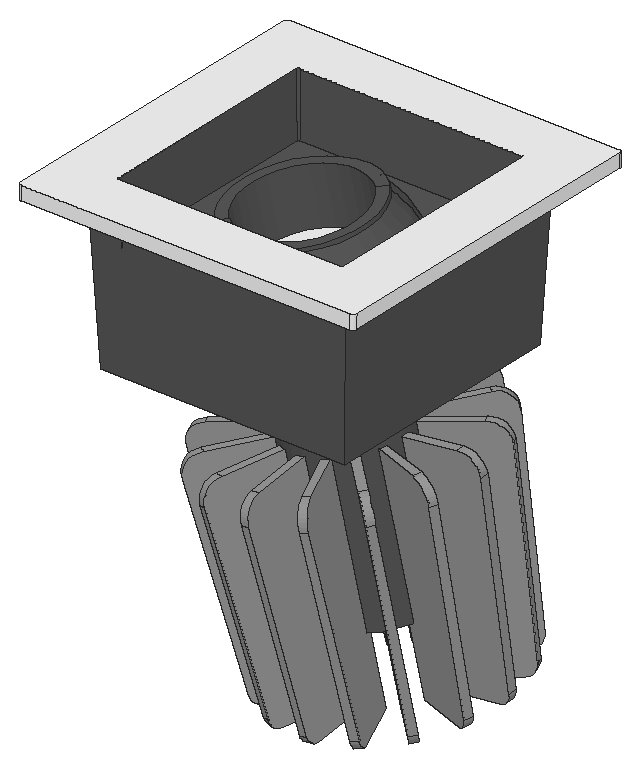
Revit family "2056234 Sylvania Lighting Fixture MYD ADJ SQ BLK 3K PHDIM SILBEZ", category Lighting Fixtures, host Face, Revit 2016
Family settings
  Host = Face
  Part Type = Normal
  Round Connector Dimension = Use Diameter
  OmniClass Number = 23.80.70.00
  OmniClass Title = Lighting
  Cut with Voids When Loaded = Yes
  Light Source = No
  Shared = No
  Room Calculation Point = No
Parameters (values of type "2056234 MYD ADJ SQ BLK 3K PHDIM SILBEZ")
  WidthCutOut_SYL = 72 mm
  Width_SYL = 86 mm
  WidthBezel_SYL = 7 mm
  Weight = "0.38 kg"
  Wattage Comments = "n/a"
  WarrantyStartDate [instance] = "n/a"
  WarrantyGuarantorParts = "n/a"
  WarrantyDurationUnit = "n/a"
  WarrantyDurationParts = "n/a"
  WarrantyDescription = "n/a"
  Voltage = 0 V
  VerticalTiltStart_FEILO [instance] = VerticalTilt_FEILO + 90.00°  # 135.00°
  VerticalTilt_FEILO [instance] = 45.00°
  URL = "http://www.sylvania-lighting.com"
  TypeName = "MYD ADJ SQ BLK 3K PHDIM SILBEZ"
  TypeLamp_SYL = Myriad Adjustable Square Lamp : 2056234 MYD ADJ SQ BLK 3K PHDIM SILBEZ
  Type Image = <None>
  Type Comments = "n/a"
  SphereRadius_FEILO = 31 mm
  SerialNumber [instance] = "n/a"
  Material_3_SYL = none
  PowerFactor = 0
  PowerConsumption = "10 W"
  NominalLength = 0 mm
  NominalHeight = 115 mm
  NominalDepth = 76 mm
  Name = "MYD ADJ SQ BLK 3K PHDIM SILBEZ"
  ModelReference = Name  # "MYD ADJ SQ BLK 3K PHDIM SILBEZ"
  ModelNumber = "2056234"
  Model = Name  # "MYD ADJ SQ BLK 3K PHDIM SILBEZ"
  Material = "polycarbonate housing"
  ManufacturerName = "Feilo Sylvania"
  Manufacturer = "Feilo Sylvania"
  LuminousEfficacy = "70 lm/W"
  LuminaireType = ""
  LightOutputRatio = "100"
  LampsType = Lamp  # "LED"
  LampNominalLuminous = "702 lm"
  LampMacAdamStep = "n/a"
  LampColourTemperature = "3000 K"
  LampColourRenderingIndex = "85"
  Lamp = "LED"
  Keynote = "16500"
  InstallationDate [instance] = "n/a"
  InputVoltage = "n/a"
  InputNominalFrequency = "n/a"
  IngressProtection = "IP20"
  ImpactProtectionIndex = "IK02"
  IfcExportType = "IfcLightFixtureType"
  IfcExportAs = "IfcLightFixtureType"
  HorizontalTilt_FEILO [instance] = 10.00°
  HeightVoid_SYL = 16 mm
  HeightTop_SYL = 40 mm
  HeightBezel_SYL = 3.5 mm
  ExpectedLife = 50000
  ElectricShockClassification = "Class II"
  DurationUnit = "hours"
  DraftIn_SYL = tan(DraftAngle_SYL) * HeightVoid_SYL  # 0.699 mm
  DraftOut_SYL = tan(DraftAngle_SYL) * HeightTop_SYL  # 1.746 mm
  DraftAngle_SYL = 2.50°
  DocumentationLiterature = "http://www.sylvania-lighting.com/product/en-int/products/2056234"
  DimmingControlOptions = "n/a"
  Material_2_SYL = none
  Description = "MYD ADJ SQ BLK 3K PHDIM SILBEZ"
  Default Elevation = 1219.2 mm
  CreatedOn = "9/11/2018"
  CreatedBy = "@sylvania-lighting.com"
  Cost = 0
  built-in parameter 1114216 [instance] = (empty or 0)
  ClassificationValue = "EF_70_80"
  ClassificationName = "Uniclass2015"
  Material_1_SYL = Body-Sylvania-MyriadAdjustableRound-Black
  BarCode [instance] = "n/a"
  AssetType = "Fixed"
  AssetIdentifier [instance] = "n/a"
  Assembly Code = "D5020200"
  Apparent Load = 10 VA
  Material_4_SYL = Body-Sylvania-MyriadAdjustableRound-Silver
Reference planes
  plane 1 "Center (Front/Back)": y = 0
  plane 2: z = 0
  plane 3 "Center (Left/Right)": x = 0
  plane 4: z = 3.5
  plane 5: z = -12.5
  plane 6: z = -24.5
  plane 7: x = -36
  plane 8: x = 36
  plane 9: x = -43
  plane 10: x = 43
  plane 11: x = -33
  plane 12: x = -31.254
  plane 13: x = 33
  plane 14: x = 31.254
  plane 15: y = 43
  plane 16: y = -43
  plane 17: y = 36
  plane 18: y = -36
  plane 19: y = -33
  plane 20: y = 33
  plane 21: y = 31.254
  plane 22: y = -31.254
  plane 23: z = -40
  plane 24: z = -130
  plane 25: y = 29
  plane 26: x = -29
  plane 27: x = 29
  plane 28: y = -29
  plane 29: x = -28.301
  plane 30: y = 28.301
  plane 31: x = 28.301
  plane 32: y = -28.301
  plane 33: x = -42.5
  plane 34: z = 3
Forms (mm)
  Revolve 1, solid, not visible
    sketch origin (0, 0, 0) x (1, 0, 0) y (0, 0, 1)
      loop
        line (0, -24.5) -> (2.4, -24.5) -> (2.4, -12.5) -> (0, -12.5) -> (0, -24.5)
      axis (0, -12.5) -> (0, -24.5)
    angle from 135 <- "VerticalTiltStart_FEILO" to 45 <- "VerticalTilt_FEILO"
  Extrusion 2, void
    sketch origin (0, 0, 0) x (1, 0, 0) y (0, 1, 0)
      loop
        line (-36, 36) -> (-36, -36) -> (36, -36) -> (36, 36) -> (-36, 36)
    from 0 to -130
  Extrusion 3, solid, material "Body-Sylvania-MyriadAdjustableRound-Black" <- "Material_1_SYL"
    sketch origin (0, 0, 0) x (1, 0, 0) y (0, 1, 0)
      loop
        arc (-42, 43) -> (-42.707, 42.707) -> (-43, 42) r 1
        line (-43, 42) -> (-43, -42)
        arc (-43, -42) -> (-42.707, -42.707) -> (-42, -43) r 1
        line (-42, -43) -> (42, -43)
        arc (42, -43) -> (42.707, -42.707) -> (43, -42) r 1
        line (43, -42) -> (43, 42)
        arc (43, 42) -> (42.707, 42.707) -> (42, 43) r 1
        line (42, 43) -> (-42, 43)
    from 0 to 3.5
  Blend 4, solid, material "Body-Sylvania-MyriadAdjustableRound-Black" <- "Material_1_SYL"
    base sketch origin (0, 0, 0) x (1, 0, 0) y (0, 1, 0)
      loop
        line (-33, 33) -> (-33, -33) -> (33, -33) -> (33, 33) -> (-33, 33)
    top sketch origin (0, 0, 0) x (1, 0, 0) y (0, 1, 0)
      loop
        line (-31.254, 31.254) -> (-31.254, -31.254) -> (31.254, -31.254) -> (31.254, 31.254) -> (-31.254, 31.254)
    from 0 to -40
  Blend 5, void
    base sketch origin (1223.4, -4572, 3.5) x (-1, 0, 0) y (0, -1, 0)
      loop
        arc (1251.727, -4601) -> (1252.203, -4600.803) -> (1252.4, -4600.327) r 0.673
        line (1252.4, -4600.327) -> (1252.4, -4543.673)
        arc (1252.4, -4543.673) -> (1252.203, -4543.197) -> (1251.727, -4543) r 0.673
        line (1251.727, -4543) -> (1195.073, -4543)
        arc (1195.073, -4543) -> (1194.597, -4543.197) -> (1194.4, -4543.673) r 0.673
        line (1194.4, -4543.673) -> (1194.4, -4600.327)
        arc (1194.4, -4600.327) -> (1194.597, -4600.803) -> (1195.073, -4601) r 0.673
        line (1195.073, -4601) -> (1251.727, -4601)
    top sketch origin (1223.4, -4572, 3.5) x (-1, 0, 0) y (0, -1, 0)
      loop
        arc (1251.201, -4600.301) -> (1251.555, -4600.155) -> (1251.701, -4599.801) r 0.5
        line (1251.701, -4599.801) -> (1251.701, -4544.199)
        arc (1251.701, -4544.199) -> (1251.555, -4543.845) -> (1251.201, -4543.699) r 0.5
        line (1251.201, -4543.699) -> (1195.638, -4543.699)
        arc (1195.638, -4543.699) -> (1195.257, -4543.857) -> (1195.099, -4544.238) r 0.539
        line (1195.099, -4544.238) -> (1195.099, -4599.801)
        arc (1195.099, -4599.801) -> (1195.245, -4600.155) -> (1195.599, -4600.301) r 0.5
        line (1195.599, -4600.301) -> (1251.201, -4600.301)
    from 0 to -16
  Revolve 6, void
    sketch origin (0, 0, 0) x (1, 0, 0) y (0, 0, 1)
      loop
        arc (0, 5.853) -> (-24.7, -24.5) -> (0, -54.853) r 31
        line (0, -54.853) -> (0, 5.853)
      axis (0, 5.853) -> (0, -54.853)
    angle from 360 to 0
Cuts and joins
  Blend 5 cuts Extrusion 3
  Blend 5, Revolve 6 cuts Blend 4
  joined: Extrusion 3, Blend 4
Lines and regions (mm)
  reference lines
    curve 1: circle (6.3, 0, -24.5) r 31 normal (0, -1, 0)
Dimensions and locks
  "HeightBezel_SYL": plane 4 to plane 2
  locked: plane 5 to plane 6 at 12
  equal spacing: plane 9, plane 3 "Center (Left/Right)", plane 10
  equal spacing: plane 16, plane 1 "Center (Front/Back)", plane 15
  "Width_SYL": plane 16 to plane 15
  "Width_SYL": plane 9 to plane 10
  equal spacing: plane 7, plane 3 "Center (Left/Right)", plane 8
  "WidthCutOut_SYL": plane 7 to plane 8
  equal spacing: plane 18, plane 1 "Center (Front/Back)", plane 17
  "WidthCutOut_SYL": plane 18 to plane 17
  equal spacing: plane 11, plane 3 "Center (Left/Right)", plane 13
  equal spacing: plane 19, plane 1 "Center (Front/Back)", plane 20
  locked: plane 18 to plane 19 at 3
  locked: plane 7 to plane 11 at 3
  equal spacing: plane 12, plane 3 "Center (Left/Right)", plane 14
  "DraftOut_SYL": plane 11 to plane 12
  equal spacing: plane 22, plane 1 "Center (Front/Back)", plane 21
  "DraftOut_SYL": plane 19 to plane 22
  "HeightTop_SYL": plane 2 to plane 23
  locked: plane 2 to plane 24 at 130
  equal spacing: plane 26, plane 3 "Center (Left/Right)", plane 27
  equal spacing: plane 28, plane 1 "Center (Front/Back)", plane 25
  "WidthBezel_SYL": plane 25 to plane 17
  "WidthBezel_SYL": plane 7 to plane 26
  equal spacing: plane 29, plane 3 "Center (Left/Right)", plane 31
  "DraftIn_SYL": plane 26 to plane 29
  equal spacing: plane 32, plane 1 "Center (Front/Back)", plane 30
  "DraftIn_SYL": plane 28 to plane 32
  "HeightVoid_SYL": plane 4 to plane 5
  locked: plane 33 to plane 9 at 0.5
  locked: plane 4 to plane 34 at 0.5
  curve 1 to plane 3 "Center (Left/Right)" = 6.3 mm
  "SphereRadius_FEILO": radius of curve 1
  aligned and locked: plane 2 to host face
  aligned and locked: level to host face
  aligned and locked: plane 6 to Revolve 1 sketch curve
  aligned and locked: Revolve 1 sketch curve to plane 3 "Center (Left/Right)"  (x2)
  aligned and locked: Revolve 1 sketch curve to plane 5
  aligned and locked: plane 17 to Extrusion 2 sketch curve
  aligned and locked: Extrusion 2 sketch curve to plane 18
  aligned and locked: Extrusion 2 sketch curve to plane 8
  aligned and locked: plane 7 to Extrusion 2 sketch curve
  aligned and locked: plane 24 to Extrusion 2
  aligned and locked: level to Extrusion 2
  aligned and locked: plane 15 to Extrusion 3 sketch curve
  aligned and locked: plane 9 to Extrusion 3 sketch curve
  aligned and locked: Extrusion 3 sketch curve to plane 16
  aligned and locked: Extrusion 3 sketch curve to plane 10
  aligned and locked: Extrusion 3 to plane 4
  aligned and locked: Extrusion 3 to level
  aligned and locked: plane 20 to Blend 4 sketch curve
  aligned and locked: Blend 4 sketch curve to plane 19
  aligned and locked: Blend 4 sketch curve to plane 13
  aligned and locked: plane 11 to Blend 4 sketch curve
  aligned and locked: plane 21 to Blend 4 sketch curve
  aligned and locked: plane 12 to Blend 4 sketch curve
  aligned and locked: Blend 4 sketch curve to plane 22
  aligned and locked: Blend 4 sketch curve to plane 14
  aligned and locked: plane 23 to Blend 4
  aligned and locked: level to Blend 4
  aligned and locked: nested 1 to plane 6
  aligned and locked: plane 25 to Blend 5 sketch curve
  aligned and locked: plane 26 to Blend 5 sketch curve
  aligned and locked: Blend 5 sketch curve to plane 28
  aligned and locked: Blend 5 sketch curve to plane 27
  aligned and locked: plane 30 to Blend 5 sketch curve
  aligned and locked: plane 29 to Blend 5 sketch curve
  aligned and locked: Blend 5 sketch curve to plane 32
  aligned and locked: Blend 5 sketch curve to plane 31
  aligned and locked: plane 5 to Blend 5
  aligned and locked: Blend 5 to plane 4
  aligned and locked: plane 6 to curve 1
  aligned and locked: Revolve 6 sketch curve to plane 3 "Center (Left/Right)"
Automatic sketch dimensions
  host sketch curve to host sketch curve = 2438.4 mm  (x2)
  Revolve 1 sketch curve to plane 4 = 2605.558 mm
  plane 3 "Center (Left/Right)" to Revolve 1 sketch curve = 2.4 mm
  plane 6 to Revolve 1 sketch curve = 577.6 mm
  plane 9 to Extrusion 3 sketch curve = 1 mm
  Extrusion 3 sketch curve to Extrusion 3 sketch curve = 1 mm
  Extrusion 3 sketch curve to plane 10 = 1 mm  (x2)
  plane 31 to Blend 5 sketch curve = 0.026 mm  (x2)
  Blend 5 sketch curve to plane 29 = 0.026 mm  (x2)
  Blend 5 sketch curve to Blend 5 sketch curve = 0.5 mm
  Blend 5 sketch curve to Blend 5 sketch curve = 0.539 mm
  plane 29 to Blend 5 sketch curve = 0.5 mm  (x2)
  plane 24 to Revolve 6 sketch curve = 479.6 mm
  Revolve 6 sketch curve to plane 4 = 2605.558 mm
  Revolve 6 sketch curve to plane 3 "Center (Left/Right)" = 0 mm
  Revolve 6 sketch curve to plane 6 = 0 mm
  plane 3 "Center (Left/Right)" to Revolve 6 sketch curve = 6.3 mm
  Revolve 6 sketch curve to plane 4 = 2.353 mm
Nested families
  nested 1: "Myriad Adjustable Square Rotation Feature" at (-0.473, 0.473, -24.5) x (-0.7071, 0.7071, 0) z (-0.7071, -0.7071, 0), HorizontalAxis <- "HorizontalTilt_FEILO", type "Myriad Adjustable Square Rotation Feature"
    with HorizontalAxis 10.00°, EndAngle 100.00°
  nested 2: "Myriad Adjustable Square Lamp" at (0, 0, -24.5) x (0.6964, 0.6964, 0.1736) z (0.1228, 0.1228, -0.9848), type <- "TypeLamp_SYL", type "2056234 MYD ADJ SQ BLK 3K PHDIM SILBEZ"
Connectors
  electrical at (0, 0, 0), driven by "Apparent Load", driven by "PowerFactor", driven by "Voltage"
    settings: index 1, voltage 0 V, apparent load 10 VA, apparent load phase1 0 VA, apparent load phase2 0 VA, apparent load phase3 0 VA, power factor 0, load classification "Lighting", number of poles 1, system type 30, power factor state 1, is connector primary yes, connector utility no, sub classification motor no, connector description ""
Definition of nested family "Myriad Adjustable Square Rotation Feature"
  Parameters (values of type "Myriad Adjustable Square Rotation Feature")
    URL = "http://www.sylvania-lighting.com"
    Type Comments = "n/a"
    Model = "n/a"
    Manufacturer = "Feilo Sylvania"
    Keynote = "n/a"
    HorizontalAxis [instance] = 0.00°
    EndAngle [instance] = HorizontalAxis + 90.00°  # 90.00°
    Description = "n/a"
    Default Elevation = 1219.2 mm
    Cost = 0
    Assembly Code = "n/a"
  Reference planes
    plane 1 "Center (Front/Back)": y = 0
    plane 2: z = 0
    plane 3 "Center (Left/Right)": x = 0
    plane 4: z = 10
    plane 5: x = -10
    plane 6: x = 10
  Forms (mm)
    Extrusion 1, solid
      sketch origin (-0.8, 0, 0) x (1, 0, 0) y (0, 1, 0)
        loop
          line (-1219.2, 1219.2) -> (-1219.2, -1219.2) -> (1219.2, -1219.2) -> (1219.2, 1219.2) -> (-1219.2, 1219.2)
      from 0 to -304.8
    Revolve 2, solid
      sketch origin (0, 0, 0) x (1, 0, 0) y (0, 0, 1)
        loop
          line (-10, 10) -> (-10, 0) -> (10, 0) -> (10, 10) -> (-10, 10)
        axis (-10, 0) -> (10, 0)
      angle from 0 <- "HorizontalAxis" to 90 <- "EndAngle"
  Dimensions and locks
    plane 4 to plane 2 = 10 mm
    aligned and locked: plane 2 to Extrusion 1
    aligned and locked: level to Extrusion 1
    aligned and locked: Revolve 2 sketch curve to plane 4
    aligned and locked: plane 5 to Revolve 2 sketch curve
    aligned and locked: Extrusion 1 to Revolve 2 sketch curve
    aligned and locked: Revolve 2 sketch curve to plane 2
    aligned and locked: Revolve 2 sketch curve to plane 6
Definition of nested family "Myriad Adjustable Square Lamp"
  Parameters (values of type "2058044 MYSQ AD BLK 2.7K DALI SIL BZ")
    Wattage = 10 W
    built-in parameter 1150110 = 1 (stored number, unit not read)
    URL = "http://www.sylvania-lighting.com"
    Type Comments = "n/a"
    built-in parameter 1114217 = 1 (stored number, unit not read)
    Tilt Angle = 90.00°
    built-in parameter 1150109 = 1 (stored number, unit not read)
    built-in parameter 1150134 = (empty or 0)
    built-in parameter 1150113 = 1 (stored number, unit not read)
    SphereRadius_SYL = 31 mm
    RimHeight_SYL = 1 mm
    Material_3_SYL = none
    Photometric Web File = "2058044.ies"
    Model = "MYSQ AD BLK 2.7K DALI SIL BZ"
    Manufacturer = "Feilo Sylvania"
    built-in parameter 1150105 = 54.113 (stored number, unit not read)
    Lumens = 680 lm
    built-in parameter 1150115 = 1 (stored number, unit not read)
    built-in parameter 1150137 = (empty or 0)
    built-in parameter 1150139 = (empty or 0)
    built-in parameter 1150112 = 1 (stored number, unit not read)
    built-in parameter 1150114 = 1 (stored number, unit not read)
    Lamp = "LED"
    Keynote = "16500"
    built-in parameter 1150132 = (empty or 0)
    built-in parameter 1150102 = (empty or 0)
    built-in parameter 1150107 = 2700 (stored number, unit not read)
    built-in parameter 1150138 = (empty or 0)
    built-in parameter 1150106 = 0.54113 (stored number, unit not read)
    Emit from Circle Diameter = 30 mm
    Emit Shape Visible in Rendering = no
    built-in parameter 1150104 = 6.3174 (stored number, unit not read)
    Dimming Lamp Color Temperature Shift = (empty or 0)
    Material_2_SYL = none
    Description = "Myriad Adjustable Square 2700K DALI black interior with silver bezel"
    Default Elevation = 1219.2 mm
    Cost = 0
    Color Filter = 16777215
    Material_1_SYL = none
    built-in parameter 1114218 = 1 (stored number, unit not read)
    built-in parameter 1150133 = 10 (stored number, unit not read)
    Assembly Code = "D5020200"
    Material_4_SYL = none
    Apparent Load = 10 VA
  Types (24, lengths in mm): name | built-in parameter 1150134 | Photometric Web File | Model | built-in parameter 1150105 | Lumens | built-in parameter 1150107 | built-in parameter 1150106 | built-in parameter 1150104 | Description
    2058044 MYSQ AD BLK 2.7K DALI SIL BZ | (empty or 0) | "2058044.ies" | "MYSQ AD BLK 2.7K DALI SIL BZ" | 54.113 (stored number, unit not read) | 680 lm | 2700 (stored number, unit not read) | 0.54113 (stored number, unit not read) | 6.3174 (stored number, unit not read) | "Myriad Adjustable Square 2700K DALI black interior with silver bezel"
    2058043 MYSQ AD BLK 2.7K PHDIM SIL BZ | (empty or 0) | "2058043.ies" | "MYSQ AD BLK 2.7K PHDIM SIL BZ" | 54.113 (stored number, unit not read) | 680 lm | 2700 (stored number, unit not read) | 0.54113 (stored number, unit not read) | 6.3174 (stored number, unit not read) | "Myriad Adjustable Square 2700K Phase dimmable black interior with silver bezel"
    2058042 MYSQ AD BLK 2.7K DALI WHT BZ | (empty or 0) | "2058042.ies" | "MYSQ AD BLK 2.7K DALI WHT BZ" | 54.113 (stored number, unit not read) | 680 lm | 2700 (stored number, unit not read) | 0.54113 (stored number, unit not read) | 6.3174 (stored number, unit not read) | "Myriad Adjustable Square 2700K DALI black interior with white bezel"
    2058041 MYSQ AD BLK 2.7K PHDIM WHT BZ | (empty or 0) | "2058041.ies" | "MYSQ AD BLK 2.7K PHDIM WHT BZ" | 45.359 (stored number, unit not read) | 570 lm | 2700 (stored number, unit not read) | 0.45359 (stored number, unit not read) | 5.2955 (stored number, unit not read) | "Myriad Adjustable Square 2700K Phase dimmable black interior with white bezel"
    2058040 MYSQ AD WHT 2.7K DALI SIL BZ | (empty or 0) | "2058040.ies" | "MYSQ AD WHT 2.7K DALI SIL BZ" | 45.359 (stored number, unit not read) | 570 lm | 2700 (stored number, unit not read) | 0.45359 (stored number, unit not read) | 5.2955 (stored number, unit not read) | "Myriad Adjustable Square 2700K DALI White interior with silver bezel."
    2058039 MYSQ AD WHT 2.7K PHDIM SIL BZ | (empty or 0) | "2058039.ies" | "MYSQ AD WHT 2.7K PHDIM SIL BZ" | 54.113 (stored number, unit not read) | 680 lm | 2700 (stored number, unit not read) | 0.54113 (stored number, unit not read) | 6.3174 (stored number, unit not read) | "MYSQ AD WHT 2.7K PHDIM SIL BZ"
    2058038 MYSQ AD WHT 2.7K DALI WHT BZ | (empty or 0) | "2058038.ies" | "MYSQ AD WHT 2.7K DALI WHT BZ" | 54.113 (stored number, unit not read) | 680 lm | 2700 (stored number, unit not read) | 0.54113 (stored number, unit not read) | 6.3174 (stored number, unit not read) | "MYSQ AD WHT 2.7K DALI WHT BZ"
    2058037 MYSQ AD WHT 2.7K PHDIM WHT BZ | (empty or 0) | "2058037.ies" | "MYSQ AD WHT 2.7K PHDIM WHT BZ" | 54.113 (stored number, unit not read) | 680 lm | 2700 (stored number, unit not read) | 0.54113 (stored number, unit not read) | 6.3174 (stored number, unit not read) | "Myriad Adjustable SQ White 2,7K Phase dim White Bezel"
    2056239 MYD ADJ SQ BLK 4K DALI SIL BEZ | 12 | "2056239.ies" | "MYD ADJ SQ BLK 4K DALI SIL BEZ" | 54.113 (stored number, unit not read) | 680 lm | 4000 (stored number, unit not read) | 0.54113 (stored number, unit not read) | 6.3174 (stored number, unit not read) | "MYD ADJ SQ BLK 4K DALI SIL BEZ"
    2056238 MYR ADJ SQ BLK 4K PHDIM SIL BEZ | 12 | "2056238.ies" | "MYR ADJ SQ BLK 4K PHDIM SIL BEZ" | 54.113 (stored number, unit not read) | 680 lm | 4000 (stored number, unit not read) | 0.54113 (stored number, unit not read) | 6.3174 (stored number, unit not read) | "MYR ADJ SQ BLK 4K PHDIM SIL BEZ"
    2056237 MYD ADJ SQ BLK 4K DALI WHT BEZ | 12 | "2056237.ies" | "MYD ADJ SQ BLK 4K DALI WHT BEZ" | 54.113 (stored number, unit not read) | 680 lm | 4000 (stored number, unit not read) | 0.54113 (stored number, unit not read) | 6.3174 (stored number, unit not read) | "MYD ADJ SQ BLK 4K DALI WHT BEZ"
    2056236 MYD ADJ SQ BLK 4K PHDIM WHT BEZ | 12 | "2056236.ies" | "MYD ADJ SQ BLK 4K PHDIM WHT BEZ" | 54.113 (stored number, unit not read) | 680 lm | 4000 (stored number, unit not read) | 0.54113 (stored number, unit not read) | 6.3174 (stored number, unit not read) | "MYD ADJ SQ BLK 4K PHDIM WHT BEZ"
    2056235 MYD ADJ SQ BLK 3K DALI SIL BEZ | (empty or 0) | "2056235.ies" | "MYD ADJ SQ BLK 3K DALI SIL BEZ" | 55.704 (stored number, unit not read) | 700 lm | 3000 (stored number, unit not read) | 0.55704 (stored number, unit not read) | 6.5032 (stored number, unit not read) | "MYD ADJ SQ BLK 3K DALI SIL BEZ"
    2056234 MYD ADJ SQ BLK 3K PHDIM SILBEZ | (empty or 0) | "2056234.ies" | "MYD ADJ SQ BLK 3K PHDIM SILBEZ" | 55.704 (stored number, unit not read) | 700 lm | 3000 (stored number, unit not read) | 0.55704 (stored number, unit not read) | 6.5032 (stored number, unit not read) | "MYD ADJ SQ BLK 3K PHDIM SILBEZ"
    2056233 MYD ADJ SQ BLK 3K DALI WHT BEZ | (empty or 0) | "2056233.ies" | "MYD ADJ SQ BLK 3K DALI WHT BEZ" | 55.704 (stored number, unit not read) | 700 lm | 3000 (stored number, unit not read) | 0.55704 (stored number, unit not read) | 6.5032 (stored number, unit not read) | "MYD ADJ SQ BLK 3K DALI WHT BEZ"
    2056232 MYD ADJ SQ BLK 3K PHDIM WHT BEZ | (empty or 0) | "2056232.ies" | "MYD ADJ SQ BLK 3K PHDIM WHT BEZ" | 55.704 (stored number, unit not read) | 700 lm | 3000 (stored number, unit not read) | 0.55704 (stored number, unit not read) | 6.5032 (stored number, unit not read) | "MYD ADJ SQ BLK 3K PHDIM WHT BEZ"
    2056231 MYD ADJ SQ WHT 4K DALI SIL BEZ | 12 | "2056231.ies" | "MYD ADJ SQ WHT 4K DALI SIL BEZ" | 54.113 (stored number, unit not read) | 680 lm | 4000 (stored number, unit not read) | 0.54113 (stored number, unit not read) | 6.3174 (stored number, unit not read) | "MYD ADJ SQ WHT 4K DALI SIL BEZ"
    2056230 MYD ADJ SQ WHT 4K PHDIM SIL BEZ | 12 | "2056230.ies" | "MYD ADJ SQ WHT 4K PHDIM SIL BEZ" | 54.113 (stored number, unit not read) | 680 lm | 4000 (stored number, unit not read) | 0.54113 (stored number, unit not read) | 6.3174 (stored number, unit not read) | "Myriad Adjustable Square 4000K phase dimmable white with silver bezel"
    2056229 MYD ADJ SQ WHT 4K DALI WHT BEZ | 12 | "2056229.ies" | "MYD ADJ SQ WHT 4K DALI WHT BEZ" | 54.113 (stored number, unit not read) | 680 lm | 4000 (stored number, unit not read) | 0.54113 (stored number, unit not read) | 6.3174 (stored number, unit not read) | "MYD ADJ SQ WHT 4K DALI WHT BEZ"
    2056228 MYD ADJ SQ WHT 4K PHDIM WHT BEZ | 12 | "2056228.ies" | "MYD ADJ SQ WHT 4K PHDIM WHT BEZ" | 54.113 (stored number, unit not read) | 680 lm | 4000 (stored number, unit not read) | 0.54113 (stored number, unit not read) | 6.3174 (stored number, unit not read) | "MYD ADJ SQ WHT 4K PHDIM WHT BEZ"
    2056227 MYD ADJ SQ WHT 3K DALI SIL BEZ | (empty or 0) | "2056227.ies" | "MYD ADJ SQ WHT 3K DALI SIL BEZ" | 55.704 (stored number, unit not read) | 700 lm | 3000 (stored number, unit not read) | 0.55704 (stored number, unit not read) | 6.5032 (stored number, unit not read) | "MYD ADJ SQ WHT 3K DALI SIL BEZ"
    2056226 MYD ADJ SQ WHT 3K PHDIM SIL BEZ | (empty or 0) | "2056226.ies" | "MYD ADJ SQ WHT 3K PHDIM SIL BEZ" | 55.704 (stored number, unit not read) | 700 lm | 3000 (stored number, unit not read) | 0.55704 (stored number, unit not read) | 6.5032 (stored number, unit not read) | "MYD ADJ SQ WHT 3K PHDIM SIL BEZ"
    2056225 MYD ADJ SQ WHT 3K DALI WHT BEZ | (empty or 0) | "2056225.ies" | "MYD ADJ SQ WHT 3K DALI WHT BEZ" | 55.704 (stored number, unit not read) | 700 lm | 3000 (stored number, unit not read) | 0.55704 (stored number, unit not read) | 6.5032 (stored number, unit not read) | "MYD ADJ SQ WHT 3K DALI WHT BEZ"
    2056224 MYD ADJ SQ WHT 3K PHDIM WHT BEZ | (empty or 0) | "2056224.ies" | "MYD ADJ SQ WHT 3K PHDIM WHT BEZ" | 55.704 (stored number, unit not read) | 700 lm | 3000 (stored number, unit not read) | 0.55704 (stored number, unit not read) | 6.5032 (stored number, unit not read) | "MYD ADJ SQ WHT 3K PHDIM WHT BEZ"
  Reference planes
    plane 1 "Center (Front/Back)": y = 0
    plane 2: z = 0
    plane 3 "Center (Left/Right)": x = 0
    plane 4: x = -35
    plane 5: x = -12
    plane 6: x = -15
    plane 7: x = -25
    plane 8: x = -17.8
    plane 9: z = -19.5
    plane 10: z = 19.5
    plane 11: z = 30.5
    plane 12: z = 71.5
    plane 13: z = 90.5
    plane 14: z = 0
    plane 15: z = -5.5
    plane 16: x = -30
    plane 17: z = -20.5
  Forms (mm)
    Extrusion 1, solid
      sketch origin (-0.8, 0, 0) x (1, 0, 0) y (0, 1, 0)
        loop
          line (-1219.2, 1219.2) -> (-1219.2, -1219.2) -> (1219.2, -1219.2) -> (1219.2, 1219.2) -> (-1219.2, 1219.2)
      from 0 to -304.8
    Revolve 2, solid, material <- "Material_1_SYL"
      sketch origin (0, 0, 0) x (1, 0, 0) y (0, 0, 1)
        loop
          line (-15, -20.5) -> (-15, -5.5) -> (0, -5.5) -> (0, 30.5) -> (-12, 30.5) -> (-12, 71.5) -> (-15, 71.5) -> (-15, 19.5) -> (-17.8, 19.5)
          arc (-17.8, 19.5) -> (-24.701, 0) -> (-17.8, -19.5) r 31
          line (-17.8, -19.5) -> (-17.8, -20.5) -> (-15, -20.5)
        axis (0, 71.5) -> (0, -20.5)
      angle from 0 to 360
    Revolve 3, solid, material <- "Material_1_SYL", detail levels coarse+medium
      sketch origin (0, 0, 0) x (1, 0, 0) y (0, 0, 1)
        loop
          line (0, 30.5) -> (0, 90.5) -> (-30, 90.5) -> (-35, 30.5) -> (0, 30.5)
        axis (0, 90.5) -> (0, 30.5)
      angle from 0 to 360
  Lines and regions (mm)
    reference lines
      curve 1: line (0, 0, 0) -> (-32.336, 13.394, 0)
      curve 2: circle (0, 0, 0) r 35 normal (0, 0, 1)
      curve 3: line (0, 0, 0) -> (-24.749, 24.749, 0)
      curve 4: line (0, 0, 0) -> (-13.394, 32.336, 0)
      curve 5: line (0, 0, 0) -> (13.394, 32.336, 0)
      curve 6: line (0, 0, 0) -> (24.749, 24.749, 0)
      curve 7: line (0, 0, 0) -> (32.336, 13.394, 0)
      curve 8: line (0, 0, 0) -> (32.336, -13.394, 0)
      curve 9: line (0, 0, 0) -> (24.749, -24.749, 0)
      curve 10: line (0, 0, 0) -> (13.394, -32.336, 0)
      curve 11: line (0, 0, 0) -> (-13.394, -32.336, 0)
      curve 12: line (0, 0, 0) -> (-24.749, -24.749, 0)
      curve 13: line (0, 0, 0) -> (-32.336, -13.394, 0)
  Dimensions and locks
    locked: plane 3 "Center (Left/Right)" to plane 4 at 35
    locked: plane 3 "Center (Left/Right)" to plane 5 at 12
    locked: plane 3 "Center (Left/Right)" to plane 6 at 15
    locked: plane 3 "Center (Left/Right)" to plane 7 at 25
    locked: plane 3 "Center (Left/Right)" to plane 8 at 17.8
    equal spacing: plane 10, plane 14, plane 9
    locked: plane 3 "Center (Left/Right)" to plane 16 at 30
    "RimHeight_SYL": plane 9 to plane 17
    locked: plane 15 to plane 17 at 15
    locked: plane 10 to plane 17 at 40
    locked: plane 11 to plane 17 at 51
    locked: plane 12 to plane 17 at 92
    locked: plane 13 to plane 17 at 111
    radius of curve 2 = 35 mm
    "SphereRadius_SYL": radius of Revolve 2 sketch curve
    angle curve 3 to plane 1 "Center (Front/Back)" = 45.00°
    angle curve 4 to plane 1 "Center (Front/Back)" = 67.50°
    angle plane 1 "Center (Front/Back)" to curve 5 = 67.50°
    angle plane 1 "Center (Front/Back)" to curve 6 = 45.00°
    angle plane 1 "Center (Front/Back)" to curve 7 = 22.50°
    angle curve 8 to plane 1 "Center (Front/Back)" = 22.50°
    angle curve 9 to plane 1 "Center (Front/Back)" = 45.00°
    angle curve 10 to plane 1 "Center (Front/Back)" = 67.50°
    angle curve 11 to plane 3 "Center (Left/Right)" = 22.50°
    angle curve 12 to plane 3 "Center (Left/Right)" = 45.00°
    angle curve 13 to plane 3 "Center (Left/Right)" = 67.50°
    aligned and locked: plane 2 to Extrusion 1
    aligned and locked: level to Extrusion 1
    aligned and locked: Revolve 2 sketch curve to plane 3 "Center (Left/Right)"  (x2)
    aligned and locked: plane 8 to Revolve 2 sketch curve  (x2)
    aligned and locked: plane 10 to Revolve 2 sketch curve
    aligned and locked: plane 6 to Revolve 2 sketch curve  (x2)
    aligned and locked: plane 12 to Revolve 2 sketch curve
    aligned and locked: Revolve 2 sketch curve to plane 5
    aligned and locked: plane 3 "Center (Left/Right)" to Revolve 2 sketch curve
    aligned and locked: plane 11 to Revolve 2 sketch curve
    aligned and locked: plane 3 "Center (Left/Right)" to curve 1
    aligned and locked: plane 3 "Center (Left/Right)" to curve 2
    aligned and locked: Revolve 3 sketch curve to plane 3 "Center (Left/Right)"
    aligned and locked: plane 13 to Revolve 3 sketch curve
    aligned and locked: plane 14 to level
    aligned and locked: plane 17 to Revolve 2 sketch curve
    aligned and locked: plane 15 to Revolve 2 sketch curve
    aligned and locked: imposter light to plane 1 "Center (Front/Back)"
    aligned and locked: plane 3 "Center (Left/Right)" to imposter light
    aligned and locked: plane 1 "Center (Front/Back)" to nested 1
    aligned and locked: plane 3 "Center (Left/Right)" to nested 1
    aligned and locked: imposter light to plane 15
  Automatic sketch dimensions
    Extrusion 1 sketch curve to Extrusion 1 sketch curve = 2438.4 mm  (x2)
    plane 1 "Center (Front/Back)" to curve 2 = 0 mm
    plane 1 "Center (Front/Back)" to curve 11 = 0 mm
    curve 1 to plane 16 = 2.336 mm
    Revolve 3 sketch curve to level = 609.6 mm
    Revolve 3 sketch curve to Revolve 3 sketch curve = 2498.058 mm
    Revolve 3 sketch curve to plane 4 = 0 mm
    Revolve 3 sketch curve to plane 16 = 0 mm
    Revolve 3 sketch curve to plane 3 "Center (Left/Right)" = 0 mm
    Revolve 3 sketch curve to plane 11 = 0 mm
    Revolve 2 sketch curve to level = 0 mm
    Revolve 2 sketch curve to plane 17 = 588.1 mm
    Revolve 2 sketch curve to plane 13 = 2498.058 mm
  Nested families
    nested 1: "Myriad Rib" at (0, 0, -20.5), type "Myriad Rib", detail levels fine
    nested 2: "Myriad Rib" at (0, 0, -20.5) x (0.9239, -0.3827, 0) z (0, 0, 1), type "Myriad Rib", detail levels fine
    nested 3: "Myriad Rib" at (0, 0, -20.5) x (0.7071, -0.7071, 0) z (0, 0, 1), type "Myriad Rib", detail levels fine
    nested 4: "Myriad Rib" at (0, 0, -20.5) x (0.3827, -0.9239, 0) z (0, 0, 1), type "Myriad Rib", detail levels fine
    nested 5: "Myriad Rib" at (0, 0, -20.5) x (0, -1, 0) z (0, 0, 1), type "Myriad Rib", detail levels fine
    nested 6: "Myriad Rib" at (0, 0, -20.5) x (-0.3827, -0.9239, 0) z (0, 0, 1), type "Myriad Rib", detail levels fine
    nested 7: "Myriad Rib" at (0, 0, -20.5) x (-0.7071, -0.7071, 0) z (0, 0, 1), type "Myriad Rib", detail levels fine
    nested 8: "Myriad Rib" at (0, 0, -20.5) x (-0.9239, -0.3827, 0) z (0, 0, 1), type "Myriad Rib", detail levels fine
    nested 9: "Myriad Rib" at (0, 0, -20.5) x (-1, 0, 0) z (0, 0, 1), type "Myriad Rib", detail levels fine
    nested 10: "Myriad Rib" at (0, 0, -20.5) x (-0.9239, 0.3827, 0) z (0, 0, 1), type "Myriad Rib", detail levels fine
    nested 11: "Myriad Rib" at (0, 0, -20.5) x (-0.7071, 0.7071, 0) z (0, 0, 1), type "Myriad Rib", detail levels fine
    nested 12: "Myriad Rib" at (0, 0, -20.5) x (-0.3827, 0.9239, 0) z (0, 0, 1), type "Myriad Rib", detail levels fine
    nested 13: "Myriad Rib" at (0, 0, -20.5) x (0, 1, 0) z (0, 0, 1), type "Myriad Rib", detail levels fine
    nested 14: "Myriad Rib" at (0, 0, -20.5) x (0.3827, 0.9239, 0) z (0, 0, 1), type "Myriad Rib", detail levels fine
    nested 15: "Myriad Rib" at (0, 0, -20.5) x (0.7071, 0.7071, 0) z (0, 0, 1), type "Myriad Rib", detail levels fine
    nested 16: "Myriad Rib" at (0, 0, -20.5) x (0.9239, 0.3827, 0) z (0, 0, 1), type "Myriad Rib", detail levels fine
  Definition of nested family "Myriad Rib"
    Parameters (values of type "Myriad Rib")
      URL = "http://www.feilosylvania.com"
      Type Comments = "n/a"
      Material_3_SYL = none
      Model = "n/a"
      Manufacturer = "Feilo Sylvania"
      Keynote = "n/a"
      Material_2_SYL = none
      Description = "n/a"
      Default Elevation = 1219.2 mm
      Cost = 0
      Material_1_SYL = none
      Assembly Code = "n/a"
      Material_4_SYL = none
    Reference planes
      plane 1 "Center (Front/Back)": y = 0
      plane 2: z = 0
      plane 3 "Center (Left/Right)": x = 0
      plane 4: x = -35
      plane 5: x = -30
      plane 6: x = -13
      plane 7: z = 51
      plane 8: z = 111
      plane 9: y = 1
      plane 10: y = -1
    Forms (mm)
      Extrusion 1, solid
        sketch origin (-0.8, 0, 0) x (1, 0, 0) y (0, 1, 0)
          loop
            line (-1219.2, 1219.2) -> (-1219.2, -1219.2) -> (1219.2, -1219.2) -> (1219.2, 1219.2) -> (-1219.2, 1219.2)
        from 0 to -304.8
      Extrusion 2, solid, material <- "Material_1_SYL"
        sketch origin (0, 0, 0) x (1, 0, 0) y (0, 0, 1)
          loop
            line (-13, 111) -> (-27.182, 111)
            arc (-27.182, 111) -> (-29.214, 110.208) -> (-30.172, 108.249) r 3
            line (-30.172, 108.249) -> (-34.491, 56.415)
            arc (-34.491, 56.415) -> (-33.188, 52.614) -> (-29.509, 51) r 5
            line (-29.509, 51) -> (-13, 51) -> (-13, 111)
        from -1 to 1
    Dimensions and locks
      locked: plane 7 to plane 2 at 51
      locked: plane 8 to plane 2 at 111
      locked: plane 3 "Center (Left/Right)" to plane 6 at 13
      locked: plane 3 "Center (Left/Right)" to plane 5 at 30
      locked: plane 3 "Center (Left/Right)" to plane 4 at 35
      equal spacing: plane 10, plane 1 "Center (Front/Back)", plane 9, locked at 1 each
      locked: plane 10 to plane 9 at 2
      aligned and locked: plane 2 to Extrusion 1
      aligned and locked: level to Extrusion 1
      aligned and locked: plane 8 to Extrusion 2 sketch curve  (x2)
      aligned and locked: Extrusion 2 sketch curve to plane 6
      aligned and locked: Extrusion 2 sketch curve to plane 7
      aligned and locked: Extrusion 2 to plane 9
      aligned and locked: plane 10 to Extrusion 2
    Automatic sketch dimensions
      Extrusion 1 sketch curve to Extrusion 1 sketch curve = 2438.4 mm  (x2)
      Extrusion 2 sketch curve to plane 6 = 0 mm
      plane 5 to Extrusion 2 sketch curve = 2.818 mm
      plane 5 to Extrusion 2 sketch curve = 0.491 mm
      Extrusion 2 sketch curve to plane 5 = 0.172 mm
      plane 4 to Extrusion 2 sketch curve = 0.509 mm
      Extrusion 2 sketch curve to Extrusion 2 sketch curve = 5 mm
      Extrusion 2 sketch curve to Extrusion 2 sketch curve = 3 mm
